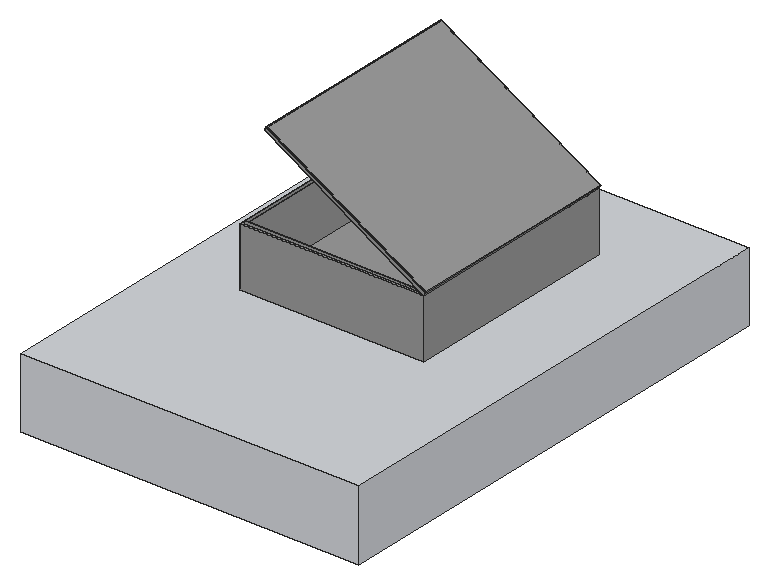
Revit family "Hager-Univers-IP55-D275-H950-Cl.II-Steel_encl-BE-en", category Equipement électrique, Revit 2020
Family settings
  Hôte = Face
  Configuration du panneau = Deux colonnes, circuits au sein
  Cote de connecteur circulaire = Utiliser le diamètre
  Type d'élément = Tableau de raccordement
  Couper avec des vides une fois chargée = Non
  Partagée = Non
  Point de calcul de pièce = Non
Parameters (values of type "Surface mounted (plaster) IP55 W800 H950 D275  - FR63S")
  Width Control [instance] = if([EF000008 - Width] > Min Width, [EF000008 - Width], Min Width)  # 800 mm
  Commentaires du type = [HG000003 - Range]  # "Univers"
  Thickness Door [instance] = if([EF009171 - Material plate thickness door/cover] > 3 mm, 3 mm, [EF009171 - Material plate thickness door/cover])  # 1.5 mm
  Seal Frame Offset [instance] = 17 mm  # constant formula
  Plinth Visibility [instance] = [HG000027 - Plinth height] > 0 mm  # no
  Model = ""
  Min Width [instance] = 100 mm  # constant formula
  Min Height [instance] = 100 mm  # constant formula
  Min Depth [instance] = (2 * [EF009170 - Material plate thickness cabinet]) + 1 mm  # 4 mm
  Internal Frame Depth [instance] = (Door System Depth * 0.5)  # 9 mm
  Height Control [instance] = if([EF000040 - Height] > Min Height, [EF000040 - Height], Min Height)  # 950 mm
  HG000027 - Plinth height = 0 mm
  HG000026 - Floor standing = no
  HG000024 - Bottom section height = 800 mm
  HG000023 - Double section enclosure = no
  HG000016 - Door 3d visibility [instance] = yes
  HG000015 - Clearance visibility [instance] = no
  HG000014 - Door on the right [instance] = yes
  HG000013 - Door on the left [instance] = not([HG000014 - Door on the right])  # no
  HG000012 - Door swing angle [instance] = 30.00°
  HG000010 - Asymmetric doors = no
  HG000009 - Double swing door = no
  HG000006 - Flush mounted = no
  HG000004 - Manufacturer reference = "FR63S"
  HG000003 - Range = "Univers"
  HG000002 - With door or cover = yes
  Frame Offset Bottom [instance] = 10 mm  # constant formula
  Frame Offset [instance] = 15 mm  # constant formula
  EF015940 - Cover with overpressure release = no
  EF011959 - Degree of protection (NEMA) = ""
  EF009554 - Number of openings for flange plates = 6
  EF009212 - Cover model = "EV000116 - Closed"
  EF009171 - Material plate thickness door/cover = 1.5 mm
  EF009170 - Material plate thickness cabinet = 1.5 mm
  Fabricant = "Hager"  # constant formula
  EF008873 - Nominal current (In) = 800 A
  EF007800 - Suitable for lightning protection = no
  EF006306 - With lock = no
  EF006244 - Transparent cover/door = no
  EF005474 - Degree of protection (IP) = "EV006420 - IP55"
  EF004464 - Type of door = "EV002646 - Single"
  EF004427 - Number of modules = 216
  EF004293 - Impact strength = "EV008784 - IK10"
  EF003532 - Suitable for outdoor use = no
  EF002950 - Width in number of modular spacings = 24
  EF001613 - Circuit integrity = "EV000494 - None"
  EF001596 - Material housing = "EV000179 - Steel"
  EF001131 - Internal depth = 275 mm
  EF001088 - Extension possible = yes
  EF000437 - Number of conduit inlets = 6
  EF000339 - Type of cover = "EV004216 - Door"
  EF000266 - Number of rows = 6
  EF000218 - Built-in depth = 0 mm
  EF000118 - With mounting plate = no
  EF000116 - RAL-number = "7035"
  EF000049 - Depth = 275 mm
  EF000040 - Height = 950 mm
  EF000008 - Width = 800 mm
  EF000007 - Colour = "EV000270 - Grey"
  EF000003 - Mounting method = "EV000384 - Surface mounted (plaster)"
  Door System Leaf Tolerance [instance] = 1.5 mm  # constant formula
  Door System Depth [instance] = 18 mm  # constant formula
  Door Height [instance] = Height Control - [HG000027 - Plinth height]  # 950 mm
  Depth Control [instance] = if([EF000049 - Depth] > Min Depth, [EF000049 - Depth], Min Depth)  # 275 mm
  Default Elevation = 0 mm
  Connector Offset [instance] = Height Control / 2  # 475 mm
  Bottom Top Plate Trim [instance] = 1.5 mm  # constant formula
  Plinth height Ctrl [instance] = if([HG000027 - Plinth height] > 0 mm, [HG000027 - Plinth height], 12 mm)  # 12 mm
Types (5, lengths in mm): name | Width Control | HG000010 - Asymmetric doors | HG000009 - Double swing door | HG000004 - Manufacturer reference | EF009554 - Number of openings for flange plates | EF004464 - Type of door | EF004427 - Number of modules | EF000437 - Number of conduit inlets | EF000008 - Width
  Surface mounted (plaster) IP55 W1050 H950 D275  - FR64S | 1050 | no | yes | "FR64S" | 8 | "EV003602 - Double" | 288 | 8 | 1050
  Surface mounted (plaster) IP55 W1300 H950 D275  - FR65S | 1300 | yes | yes | "FR65S" | 10 | "EV003602 - Double" | 360 | 10 | 1300
  Surface mounted (plaster) IP55 W300 H950 D275  - FR61S | 300 | no | no | "FR61S" | 2 | "EV002646 - Single" | 72 | 2 | 300
  Surface mounted (plaster) IP55 W550 H950 D275  - FR62S | 550 | no | no | "FR62S" | 4 | "EV002646 - Single" | 144 | 4 | 550
  Surface mounted (plaster) IP55 W800 H950 D275  - FR63S | 800 | no | no | "FR63S" | 6 | "EV002646 - Single" | 216 | 6 | 800
Reference planes
  plane 1 "Center (Front/Back)": y = 0
  plane 2: z = 0
  plane 3 "Center (Left/Right)": x = 0
  plane 4: z = 275
  plane 5: y = 1.5
  plane 6: y = 475
  plane 7: y = 0
  plane 8: y = 950
  plane 9: z = 0
  plane 10: x = -385
  plane 11: x = 385
  plane 12: x = 383.5
  plane 13: x = -383.5
  plane 14: y = 948.5
  plane 15: x = -383
  plane 16: x = -400
  plane 17: x = 383
  plane 18: x = 400
  plane 19: x = 398.5
  plane 20: x = -398.5
  plane 21: y = 11.5
  plane 22: y = 950
  plane 23: y = 933.5
  plane 24: z = 257
  plane 25: z = 1.5
  plane 26: z = 255.5
  plane 27: z = 273.5
Forms (mm)
  Extrusion 1, solid
    sketch origin (0, 0, 0) x (1, 0, 0) y (0, 1, 0)
      loop
        line (-702.964, 1305) -> (-702.964, -811.445) -> (766.763, -811.445) -> (766.763, 1305) -> (-702.964, 1305)
    from 0 to -304.8
  Extrusion 2, solid, material "Hager_Steel_RAL7035_Light_Grey", visible <- "Plinth Visibility", detail levels medium+fine
    sketch origin (0, 0, 0) x (1, 0, 0) y (0, 1, 0)
      loop
        line (-400, 0) -> (400, 0) -> (400, 12) -> (-400, 12) -> (-400, 0)
    from 0 to 257
  Extrusion 3, solid, material "Hager_Steel_RAL7035_Light_Grey", detail levels medium+fine
    sketch origin (0, 0, 0) x (1, 0, 0) y (0, 1, 0)
      loop
        line (-400, 0) -> (400, 0) -> (400, 950) -> (-400, 950) -> (-400, 0)
    from 0 to 257
  Extrusion 4, void
    sketch origin (0, 0, 0) x (1, 0, 0) y (0, 1, 0)
      loop
        line (-398.5, 1.5) -> (398.5, 1.5) -> (398.5, 948.5) -> (-398.5, 948.5) -> (-398.5, 1.5)
    from 1.5 to 255.5
  Extrusion 5, void
    sketch origin (-381.607, -4572, 257) x (0, -1, 0) y (-1, 0, 0)
      loop
        line (-4583.5, 1.893) -> (-5505.5, 1.893) -> (-5505.5, -765.107) -> (-4583.5, -765.107) -> (-4583.5, 1.893)
    from 0 to 1.5 <- "EF009170 - Material plate thickness cabinet"
  Extrusion 6, solid, material "Hager_Steel_RAL7035_Light_Grey", detail levels fine
    sketch origin (0, 0, 257) x (1, 0, 0) y (0, 1, 0)
      loop
        line (-383.5, 933.5) -> (-383.5, 11.5) -> (383.5, 11.5) -> (383.5, 933.5) -> (-383.5, 933.5)
      loop
        line (-385, 10) -> (385, 10) -> (385, 935) -> (-385, 935) -> (-385, 10)
    from 0 to 9 <- "Internal Frame Depth"
  Extrusion 7, solid, material "Hager_Steel_RAL7035_Light_Grey", detail levels coarse
    sketch origin (0, 0, 0) x (1, 0, 0) y (0, 1, 0)
      loop
        line (-400, 0) -> (400, 0) -> (400, 950) -> (-400, 950) -> (-400, 0)
    from 0 to 275
  Sweep 8, void
    path in 3D
      loop
        line (-400, 12, 0) -> (400, 12, 0) -> (400, 12, 257) -> (-400, 12, 257) -> (-400, 12, 0)
    profile origin (-400, 12, 128.5) x (-1, 0, 0) y (0, -1, 0)
      loop
        line (0, 0) -> (0, 1.5) -> (-1.5, 1.5)
        arc (-1.5, 1.5) -> (-1.061, 0.439) -> (0, 0) r 1.5
Cuts and joins
  Extrusion 4, Extrusion 5 cuts Extrusion 3
  Sweep 8 cuts Extrusion 2
Lines and regions (mm)
  Masking region 1
    outline origin (0, 0, 0) x (1, 0, 0) y (0, 0, 1)
      loop
        line (-400, 275) -> (-400, 0) -> (400, 0) -> (400, 275) -> (-400, 275)
  Masking region 2, detail levels medium+fine
    outline origin (0, 140, 0) x (0, 1, 0) y (0, 0, 1)
      loop
        line (-140, 0) -> (810, 0) -> (810, 257) -> (-140, 257) -> (-140, 0)
  Masking region 3, not visible, detail levels medium+fine
    outline origin (0, 297.922, 0) x (0, 1, 0) y (0, 0, 1)
      loop
        line (188.578, 0) -> (228.578, 0) -> (228.578, 263.5)
        arc (228.578, 263.5) -> (225.649, 270.571) -> (218.578, 273.5) r 10
        line (218.578, 273.5) -> (188.578, 273.5) -> (188.578, 0)
  Masking region 4, detail levels coarse
    outline origin (0, 0, 180) x (0, 1, 0) y (0, 0, 1)
      loop
        line (0, -180) -> (950, -180) -> (950, 95) -> (0, 95) -> (0, -180)
  Masking region 5, visible <- "Plinth Visibility", detail levels medium+fine
    outline origin (0, 52.24, 12.345) x (0, 0, -1) y (0, 1, 0)
      loop
        line (10.845, -40.24) -> (-243.155, -40.24)
        arc (-243.155, -40.24) -> (-243.594, -41.301) -> (-244.655, -41.74) r 1.5
        line (-244.655, -41.74) -> (-244.655, -52.24) -> (12.345, -52.24) -> (12.345, -41.74)
        arc (12.345, -41.74) -> (11.285, -41.301) -> (10.845, -40.24) r 1.5
  Masking region 6, detail levels medium+fine
    outline origin (-381.607, -4572, 257) x (-1, 0, 0) y (0, -1, 0)
      loop
        line (18.393, -5522) -> (18.393, -4572) -> (-781.607, -4572) -> (-781.607, -5522) -> (18.393, -5522)
  Masking region 7, visible <- "Plinth Visibility", detail levels medium+fine
    outline origin (-381.607, -4727, 257) x (-1, 0, 0) y (0, -1, 0)
      loop
        arc (16.893, -4739) -> (17.332, -4737.939) -> (18.393, -4737.5) r 1.5
        line (18.393, -4737.5) -> (18.393, -4727) -> (-781.607, -4727) -> (-781.607, -4737.5)
        arc (-781.607, -4737.5) -> (-780.546, -4737.939) -> (-780.107, -4739) r 1.5
        line (-780.107, -4739) -> (16.893, -4739)
  Masking region 8, detail levels coarse
    outline origin (-442.548, -4669.526, 257) x (-1, 0, 0) y (0, -1, 0)
      loop
        line (-42.548, -5619.526) -> (-42.548, -4669.526) -> (-842.548, -4669.526) -> (-842.548, -5619.526) -> (-42.548, -5619.526)
  sketch lines
    curve 1: line (-400, 12, 257) -> (-400, 12, 0)
    curve 2: line (400, 12, 257) -> (-400, 12, 257)
    curve 3: line (400, 12, 257) -> (400, 12, 0)
    curve 4: line (-400, 12, 0) -> (400, 12, 0)
Dimensions and locks
  "Depth Control": plane 4 to Extrusion 1
  "HG000027 - Plinth height": plane 1 "Center (Front/Back)" to plane 7
  "EF009170 - Material plate thickness cabinet": plane 5 to plane 7
  locked: connector elem to plane 3 "Center (Left/Right)"
  equal spacing: plane 8, plane 6, plane 7
  locked: connector elem to plane 6
  "EF009170 - Material plate thickness cabinet": plane 8 to plane 14
  "EF009170 - Material plate thickness cabinet": plane 10 to plane 13
  "EF009170 - Material plate thickness cabinet": plane 12 to plane 11
  "Frame Offset": plane 20 to plane 13
  "Frame Offset": plane 12 to plane 19
  "EF009170 - Material plate thickness cabinet": plane 16 to plane 20
  "EF009170 - Material plate thickness cabinet": plane 19 to plane 18
  "Seal Frame Offset": plane 16 to plane 15
  "Seal Frame Offset": plane 17 to plane 18
  "Frame Offset Bottom": plane 21 to plane 5
  "Frame Offset": plane 14 to plane 23
  equal spacing: plane 16, plane 3 "Center (Left/Right)", plane 18
  "Width Control": plane 16 to plane 18
  "EF009170 - Material plate thickness cabinet": plane 4 to plane 27
  "EF009170 - Material plate thickness cabinet": plane 24 to plane 26
  "EF009170 - Material plate thickness cabinet": plane 25 to level
  "Door System Depth": plane 4 to plane 24
  "Height Control": plane 1 "Center (Front/Back)" to Extrusion 7 sketch curve
  "Height Control": Masking region 4 sketch curve to plane 1 "Center (Front/Back)"
  "Height Control": plane 1 "Center (Front/Back)" to plane 22
  "Bottom Top Plate Trim": profile plane to Sweep 8 sketch curve
  "Bottom Top Plate Trim": Sweep 8 sketch curve to profile plane
  "Plinth height Ctrl": plane 1 "Center (Front/Back)" to Extrusion 2 sketch curve
  "Plinth height Ctrl": Masking region 5 sketch curve to plane 1 "Center (Front/Back)"
  "Plinth height Ctrl": plane 1 "Center (Front/Back)" to Masking region 7 sketch curve
  "Thickness Door": Extrusion 6 sketch curve to Extrusion 6 sketch curve  (x3)
  "Thickness Door": cut or joined group of Extrusion 3, Extrusion 4, Extrusion 5 to Extrusion 6 sketch curve
  radius of Masking region 3 sketch curve = 10 mm
  "Bottom Top Plate Trim": radius of Masking region 5 sketch curve  (x2)
  "Bottom Top Plate Trim": radius of Sweep 8 sketch curve
  "Bottom Top Plate Trim": radius of Masking region 7 sketch curve  (x2)
  aligned and locked: plane 2 to Extrusion 1
  aligned and locked: level to Extrusion 1
  aligned and locked: level to Masking region 1 sketch curve
  aligned and locked: Masking region 1 sketch curve to plane 18
  aligned and locked: Masking region 1 sketch curve to plane 16
  aligned and locked: plane 7 to Masking region 2 sketch curve
  aligned and locked: level to Masking region 3 sketch curve
  aligned and locked: Masking region 3 sketch curve to plane 27
  aligned and locked: level to Masking region 2 sketch curve
  aligned and locked: plane 1 "Center (Front/Back)" to Extrusion 2 sketch curve
  aligned and locked: Extrusion 3 sketch curve to plane 7
  aligned and locked: plane 16 to Extrusion 3 sketch curve
  aligned and locked: plane 18 to Extrusion 3 sketch curve
  aligned and locked: plane 20 to Extrusion 4 sketch curve
  aligned and locked: plane 19 to Extrusion 4 sketch curve
  aligned and locked: Extrusion 4 sketch curve to plane 5
  aligned and locked: Extrusion 4 to plane 25
  aligned and locked: plane 26 to Extrusion 4
  aligned and locked: plane 24 to Extrusion 3
  aligned and locked: Extrusion 5 sketch curve to plane 21
  aligned and locked: Extrusion 5 sketch curve to plane 13
  aligned and locked: Extrusion 5 sketch curve to plane 12
  aligned and locked: plane 18 to Extrusion 7 sketch curve
  aligned and locked: plane 1 "Center (Front/Back)" to Extrusion 7 sketch curve
  aligned and locked: plane 16 to Extrusion 7 sketch curve
  aligned and locked: plane 4 to Extrusion 7
  aligned and locked: Extrusion 7 to level
  aligned and locked: level to Masking region 4 sketch curve
  aligned and locked: Masking region 4 sketch curve to plane 1 "Center (Front/Back)"
  aligned and locked: Masking region 4 sketch curve to plane 4
  aligned and locked: nested 1 to level
  aligned and locked: nested 1 to plane 16
  aligned and locked: plane 8 to Extrusion 3 sketch curve
  aligned and locked: plane 23 to Extrusion 5 sketch curve
  aligned and locked: plane 14 to Extrusion 4 sketch curve
  aligned and locked: Masking region 2 sketch curve to plane 8
  aligned and locked: level to Masking region 5 sketch curve
  aligned and locked: plane 16 to Extrusion 2 sketch curve
  aligned and locked: plane 18 to Extrusion 2 sketch curve
  aligned and locked: Masking region 5 sketch curve to plane 24
  aligned and locked: Masking region 2 sketch curve to plane 24
  aligned and locked: plane 24 to Extrusion 2
  aligned and locked: profile plane to Sweep 8 sketch curve  (x2)
  aligned and locked: Masking region 6 sketch curve to plane 18
  aligned and locked: Masking region 6 sketch curve to plane 22
  aligned and locked: Masking region 6 sketch curve to plane 16
  aligned and locked: plane 8 to plane 22
  aligned and locked: Masking region 6 sketch curve to plane 7
  aligned and locked: Masking region 7 sketch curve to plane 16
  aligned and locked: Masking region 7 sketch curve to plane 1 "Center (Front/Back)"
  aligned and locked: Masking region 7 sketch curve to plane 18
  aligned and locked: Masking region 8 sketch curve to plane 1 "Center (Front/Back)"
  aligned and locked: Masking region 8 sketch curve to plane 18
  aligned and locked: Masking region 8 sketch curve to plane 22
  aligned and locked: Masking region 8 sketch curve to plane 16
  aligned and locked: nested 2 to plane 7
  aligned and locked: plane 3 "Center (Left/Right)" to nested 2
  aligned and locked: nested 2 to plane 24
  aligned and locked: Extrusion 6 sketch curve to cut or joined group of Extrusion 3, Extrusion 4, Extrusion 5  (x4)
Automatic sketch dimensions
  Extrusion 1 sketch curve to Extrusion 1 sketch curve = 1469.727 mm
  Extrusion 1 sketch curve to Extrusion 1 sketch curve = 2116.445 mm
  Masking region 1 sketch curve to plane 4 = 0 mm
  plane 6 to Masking region 3 sketch curve = 11.5 mm
  Masking region 3 sketch curve to Masking region 3 sketch curve = 30 mm
  Masking region 5 sketch curve to plane 1 "Center (Front/Back)" = 0 mm
Nested families
  nested 1: "Hager_Enclosure_Symbol" at (-400, 0, 0) x (1, 0, 0) z (0, -1, 0), Height <- "Depth Control", Width <- "Width Control", type "Hager_Enclosure_Symbol"
    with Width_Ctrl 800 mm, Width 800 mm, Height_Ctrl 275 mm, Height 275 mm, A_Width_Int 18.047 mm, A_Width 216.562 mm, A_Height_Ctrl 240.625 mm, A_Height 240.625 mm
  nested 2: "EC000058_Univers_Door" at (0, 0, 257) x (1, 0, 0) z (0, 1, 0), Leaf_Tolerance <- "Door System Leaf Tolerance", Angle <- "HG000012 - Door swing angle", Door_Depth <- "Door System Depth", Door_Left <- "HG000013 - Door on the left", Transparent <- "EF006244 - Transparent cover/door", Assymetrical <- "HG000010 - Asymmetric doors", Width <- "Width Control", Clearance <- "HG000015 - Clearance visibility", Double <- "HG000009 - Double swing door", 3d_Door <- "HG000016 - Door 3d visibility", Lock_Visibility <- "EF006306 - With lock", Width_Ctrl <- "Width Control", Door_Right <- "HG000014 - Door on the right", Door <- "HG000002 - With door or cover", Height <- "Door Height", Thickness <- "Thickness Door", type "EC000058_Univers_Door", detail levels medium+fine
    with min_wh 4 mm, Width_Ctrl 800 mm, Width 800 mm, Transparent no, Thickness 1.5 mm, Seal_Material Hager_Rubber, Lock_Visibility no, Lock_Material Hager_Plastic_RAL9005_Jet_Black, Leaf_Width 800 mm, Leaf_Tolerance_External_Sides 0 mm, Leaf_Tolerance 1.5 mm, Leaf_Offset 0 mm, Leaf_Height 947 mm, Leaf_2_Width 800 mm, Leaf_2_Offset 400 mm, Leaf_1_Width 800 mm, Leaf_1_Offset 400 mm, Height_Ctrl 950 mm, Height 950 mm, Glass_Material Hager_Glass, Double_Clearance_Ctrl no, Double no, Door_Right_Ctrl yes, Door_Right yes, Door_Material Hager_Steel_RAL7035_Light_Grey, Door_Left_Ctrl no, Door_Left no, Door_Depth 18 mm, Door yes, Clearance_Material Hager_Clearance, Clearance_Depth 800 mm, Clearance_Ctrl no, Clearance no, Assymetrical no, Angle 30.00°, 3d_Door yes
Connectors
  electrical at (0, 475, 0)
    settings: on plane 9, index 1, voltage 0 V, apparent load 0 VA, apparent load phase1 0 VA, apparent load phase2 0 VA, apparent load phase3 0 VA, power factor 1, load classification "Other", number of poles 1, system type 30, power factor state 1, is connector primary yes, connector utility no, sub classification motor no, connector description ""
Definition of nested family "EC000058_Univers_Door"
  Parameters (values of type "EC000058_Univers_Door")
    min_wh [instance] = (2 * Thickness) + 1 mm  # 11 mm
    Width_Ctrl [instance] = 400 mm
    Width [instance] = 500 mm
    Transparent [instance] = yes
    Thickness [instance] = 5 mm
    Seal_Material [instance] = none
    Lock_Visibility [instance] = yes
    Lock_Material [instance] = none
    Leaf_Width [instance] = if((Width_Ctrl - 2 * Leaf_Tolerance_External_Sides) > 0 mm, (Width_Ctrl - 2 * Leaf_Tolerance_External_Sides), min_wh)  # 400 mm
    Leaf_Tolerance_External_Sides [instance] = 0 mm  # constant formula
    Leaf_Tolerance [instance] = 1.5 mm
    Leaf_Offset [instance] = 0 mm  # constant formula
    Leaf_Height [instance] = if((Height_Ctrl - 2 * Leaf_Tolerance) > 0 mm, (Height_Ctrl - 2 * Leaf_Tolerance), min_wh)  # 497 mm
    Leaf_2_Width [instance] = if(and(and(Double, Assymetrical), Door_Left), (Leaf_Width / 3) - (Leaf_Tolerance / 2), if(and(and(Double, Assymetrical), Door_Right), (Leaf_Width / 3) * 2 - (Leaf_Tolerance / 2), if(and(Double, not(Assymetrical)), (Leaf_Width / 2) - Leaf_Tolerance, Leaf_Width)))  # 400 mm
    Leaf_2_Offset [instance] = if(and(Double, Assymetrical), Leaf_2_Width / 2, if(and(Double, not(Assymetrical)), Leaf_Width / 4, Leaf_Width / 2))  # 200 mm
    Leaf_1_Width [instance] = if(and(and(Double, Assymetrical), Door_Right), (Leaf_Width / 3) - (Leaf_Tolerance / 2), if(and(and(Double, Assymetrical), Door_Left), (Width / 3) * 2 - (Leaf_Tolerance / 2), if(and(Double, not(Assymetrical)), (Leaf_Width / 2) - Leaf_Tolerance, Leaf_Width)))  # 400 mm
    Leaf_1_Offset [instance] = if(and(Double, Assymetrical), Leaf_1_Width / 2, if(and(Double, not(Assymetrical)), Leaf_Width / 4, Leaf_Width / 2))  # 200 mm
    Height_Ctrl [instance] = if(Height > min_wh, Height, min_wh)  # 500 mm
    Height [instance] = 500 mm
    Glass_Material [instance] = none
    Double_Clearance_Ctrl [instance] = and(Double, Clearance)  # no
    Double [instance] = no
    Door_Right_Ctrl [instance] = and(or(Door_Right, Double), Door)  # yes
    Door_Right [instance] = yes
    Door_Material [instance] = none
    Door_Left_Ctrl [instance] = and(or(Door_Left, Double), Door)  # no
    Door_Left [instance] = no
    Door_Depth [instance] = 30 mm
    Door [instance] = yes
    Default Elevation = 1219.2 mm
    Clearance_Material [instance] = none
    Clearance_Depth [instance] = if(Leaf_1_Width > Leaf_2_Width, Leaf_1_Width, Leaf_2_Width)  # 400 mm
    Clearance_Ctrl [instance] = and(not(Double), Clearance)  # yes
    Clearance [instance] = yes
    Assymetrical [instance] = yes
    Angle [instance] = 30.00°
    3d_Door [instance] = yes
  Reference planes
    plane 1 "Center (Front/Back)": y = 0
    plane 2 "Bottom": z = 0
    plane 3 "Center (Left/Right)": x = 0
    plane 4: z = 500
    plane 5: x = -200
    plane 6: x = 200
    plane 7: z = 500
    plane 8: x = -200
    plane 9: z = 0
    plane 10: x = 200
    plane 11: y = 0
    plane 12: z = 1.5
    plane 13: x = -600
    plane 14: y = -400
    plane 15: x = 600
    plane 16: x = 0
    plane 17: x = 0
    plane 18: x = -200
    plane 19: x = 200
    plane 20: z = 498.5
  Forms (mm)
    Extrusion 1, solid, material <- "Clearance_Material", visible <- "Double_Clearance_Ctrl"
      sketch origin (1200, 0, 0) x (1, 0, 0) y (0, 0, -1)
        loop
          line (-1800, -498.5) -> (-600, -498.5) -> (-600, 0) -> (-1800, 0) -> (-1800, -498.5)
      from 0 to -400
  Dimensions and locks
    equal spacing: plane 5, plane 3 "Center (Left/Right)", plane 6
    "Width_Ctrl": plane 5 to plane 6
    "Leaf_Offset": plane 5 to plane 8
    "Leaf_Offset": plane 6 to plane 10
    "Leaf_Offset": plane 9 to level
    "Leaf_Offset": plane 4 to plane 7
    "Height_Ctrl": plane 4 to level
    "Leaf_Tolerance": plane 12 to plane 9
    locked: plane 11 to plane 1 "Center (Front/Back)"
    "Leaf_1_Offset": plane 18 to plane 16
    "Leaf_2_Offset": plane 17 to plane 19
    "Leaf_1_Width": plane 13 to plane 8
    "Leaf_2_Width": plane 10 to plane 15
    "Clearance_Depth": plane 14 to plane 1 "Center (Front/Back)"
    "Leaf_Tolerance_External_Sides": plane 8 to plane 18
    "Leaf_Tolerance_External_Sides": plane 19 to plane 10
    "Leaf_Tolerance": plane 7 to plane 20
    aligned and locked: level to plane 2 "Bottom"
    aligned and locked: nested 1 to plane 16
    aligned and locked: nested 2 to plane 17
    aligned and locked: Extrusion 1 to plane 13
    aligned and locked: plane 15 to Extrusion 1
    aligned and locked: Extrusion 1 to plane 14
    aligned and locked: plane 12 to nested 1
    aligned and locked: nested 2 to plane 12
    aligned and locked: Extrusion 1 to plane 11
    aligned and locked: plane 20 to Extrusion 1
    aligned and locked: nested 2 to plane 11
    aligned and locked: nested 1 to plane 11
  Automatic sketch dimensions
    Extrusion 1 sketch curve to level = 0 mm
    plane 5 to Extrusion 1 sketch curve = 400 mm
    plane 6 to Extrusion 1 sketch curve = 400 mm
    Extrusion 1 sketch curve to plane 4 = 1.5 mm
  Nested families
    nested 1: "EC000058_Univers_Door_Leaf" at (0, 0, 1.5), Width <- "Leaf_1_Width", visible <- "Door_Left_Ctrl", Leaf_Height <- "Leaf_Height", Angle <- "Angle", 3d_Door <- "3d_Door", Transparent <- "Transparent", Clearance Material <- "Clearance_Material", Clearance <- "Clearance_Ctrl", Door_Material <- "Door_Material", Glass_Material <- "Glass_Material", Door_Depth <- "Door_Depth", Lock_Material <- "Lock_Material", Seal_Material <- "Seal_Material", Lock_Visibility <- "Lock_Visibility", Thickness <- "Thickness", type "EC000058_Univers_Door_Leaf"
      with Width 400 mm, Transparent_Glass_Offset 30 mm, Transparent_Ctrl yes, Transparent yes, Thickness 5 mm, Standard no, Seal_Material none, Seal_D2 8 mm, Seal_D1 1 mm, Offset_Internal_Frame 10 mm, Lock_Width 20 mm, Lock_Visibility_3d yes, Lock_Visibility yes, Lock_Thickness_3 3 mm, Lock_Thickness_2 1 mm, Lock_Thickness_1 3 mm, Lock_Radius_Offset_2 16 mm, Lock_Radius_Offset_1 15 mm, Lock_Radius_2 5 mm, Lock_Radius 6 mm, Lock_Offset 5 mm, Lock_Material none, Lock_Height 80 mm, Lock_Cover_Top_Offset_2d 17 mm, Lock_Cover_Height -65 mm, Leaf_Height 497 mm, Internal_Seal_Thickness 8 mm, Internal_Seal_Depth_2 4.5 mm, Internal_Frame_Depth 25 mm, Glass_Thickness -1 mm, Glass_Offset -2 mm, Glass_Material none, Door_Material none, Door_Depth 30 mm, Clearance Material none, Clearance yes, Angle_Ctrl 30.00°, Angle 30.00°, 3d_Door yes
    nested 2: "EC000058_Univers_Door_Leaf" at (0, 0, 1.5) x (-1, 0, 0) z (0, 0, 1), Width <- "Leaf_2_Width", visible <- "Door_Right_Ctrl", Leaf_Height <- "Leaf_Height", Angle <- "Angle", 3d_Door <- "3d_Door", Transparent <- "Transparent", Clearance Material <- "Clearance_Material", Clearance <- "Clearance_Ctrl", Door_Material <- "Door_Material", Glass_Material <- "Glass_Material", Door_Depth <- "Door_Depth", Lock_Material <- "Lock_Material", Seal_Material <- "Seal_Material", Lock_Visibility <- "Lock_Visibility", Thickness <- "Thickness", type "EC000058_Univers_Door_Leaf"
      with Width 400 mm, Transparent_Glass_Offset 30 mm, Transparent_Ctrl yes, Transparent yes, Thickness 5 mm, Standard no, Seal_Material none, Seal_D2 8 mm, Seal_D1 1 mm, Offset_Internal_Frame 10 mm, Lock_Width 20 mm, Lock_Visibility_3d yes, Lock_Visibility yes, Lock_Thickness_3 3 mm, Lock_Thickness_2 1 mm, Lock_Thickness_1 3 mm, Lock_Radius_Offset_2 16 mm, Lock_Radius_Offset_1 15 mm, Lock_Radius_2 5 mm, Lock_Radius 6 mm, Lock_Offset 5 mm, Lock_Material none, Lock_Height 80 mm, Lock_Cover_Top_Offset_2d 17 mm, Lock_Cover_Height -65 mm, Leaf_Height 497 mm, Internal_Seal_Thickness 8 mm, Internal_Seal_Depth_2 4.5 mm, Internal_Frame_Depth 25 mm, Glass_Thickness -1 mm, Glass_Offset -2 mm, Glass_Material none, Door_Material none, Door_Depth 30 mm, Clearance Material none, Clearance yes, Angle_Ctrl 30.00°, Angle 30.00°, 3d_Door yes
  Definition of nested family "EC000058_Univers_Door_Leaf"
    Parameters (values of type "EC000058_Univers_Door_Leaf")
      Width [instance] = 2000 mm
      Transparent_Glass_Offset [instance] = 30 mm
      Transparent_Ctrl [instance] = and(Transparent, [3d_Door])  # yes
      Transparent [instance] = yes
      Thickness [instance] = 5 mm
      Standard [instance] = and(not(Transparent), [3d_Door])  # no
      Seal_Material [instance] = none
      Seal_D2 [instance] = 8 mm  # constant formula
      Seal_D1 [instance] = 1 mm  # constant formula
      Offset_Internal_Frame [instance] = 10 mm  # constant formula
      Lock_Width [instance] = 20 mm  # constant formula
      Lock_Visibility_3d [instance] = and(Lock_Visibility, [3d_Door])  # yes
      Lock_Visibility [instance] = yes
      Lock_Thickness_3 [instance] = 3 mm  # constant formula
      Lock_Thickness_2 [instance] = 1 mm  # constant formula
      Lock_Thickness_1 [instance] = 3 mm  # constant formula
      Lock_Radius_Offset_2 [instance] = Lock_Radius_Offset_1 + 1 mm  # 16 mm
      Lock_Radius_Offset_1 [instance] = 15 mm  # constant formula
      Lock_Radius_2 [instance] = Lock_Radius - 1 mm  # 5 mm
      Lock_Radius [instance] = 6 mm  # constant formula
      Lock_Offset [instance] = 5 mm  # constant formula
      Lock_Material [instance] = none
      Lock_Height [instance] = 80 mm  # constant formula
      Lock_Cover_Top_Offset_2d [instance] = Lock_Radius_Offset_2 + 1 mm  # 17 mm
      Lock_Cover_Height [instance] = -(Lock_Height - Lock_Radius_Offset_1)  # -65 mm
      Leaf_Height [instance] = 2720.336 mm
      Internal_Seal_Thickness [instance] = 8 mm  # constant formula
      Internal_Seal_Depth_2 [instance] = 4.5 mm  # constant formula
      Internal_Frame_Depth [instance] = if(Door_Depth - Thickness > 5 mm, Door_Depth - Thickness, 5 mm)  # 25 mm
      Glass_Thickness [instance] = if(Thickness > 15 mm, Glass_Offset + 10 mm, -1 mm)  # -1 mm
      Glass_Offset [instance] = if(Thickness > 15 mm, -(Thickness + 10 mm) / 2, -2 mm)  # -2 mm
      Glass_Material [instance] = none
      Door_Material [instance] = none
      Door_Depth [instance] = 30 mm
      Default Elevation = 0 mm
      Clearance Material [instance] = none
      Clearance [instance] = yes
      Angle_Ctrl [instance] = if(Angle > 180.00°, 180.00°, Angle)  # 90.00°
      Angle [instance] = 90.00°
      3d_Door [instance] = yes
    Reference planes
      plane 1 "Center (Front/Back)": y = 0
      plane 2: z = 0
      plane 3 "Center (Left/Right)": x = 0
      plane 4: y = 2000
      plane 5: x = -1000
      plane 6: x = 1000
      plane 7: x = -3000
      plane 8: z = 2720.336
      plane 9: z = 30
      plane 10: z = 2690.336
      plane 11: x = 970
      plane 12: x = -970
      plane 13: y = -3
      plane 14: z = 107.833
      plane 15: y = -5
      plane 16: y = -223.314
      plane 17: x = -1000
      plane 18: z = 1360.168
      plane 19: y = 30
    Forms (mm)
      Extrusion 1, solid, material <- "Clearance Material", visible <- "Clearance"
        sketch origin (0, 0, 0) x (1, 0, 0) y (0, 0, 1)
          loop
            line (-3000, 2720.336) -> (-3000, 0) -> (1000, 0) -> (1000, 2720.336) -> (-3000, 2720.336)
        from 0 to -2000
      Extrusion 2, solid, material <- "Door_Material", visible <- "Standard", detail levels medium+fine
        sketch origin (-1000, 0, 0) x (0, 1, 0) y (-1, 0, 0)
          loop
            line (0, 30) -> (0, 25) -> (2000, 25) -> (2000, 30) -> (0, 30)
        from 0 to 2720.336 <- "Leaf_Height"
      Extrusion 3, solid, material <- "Door_Material", visible <- "Transparent_Ctrl", detail levels medium+fine
        sketch origin (-1000, 0, 0) x (0, 1, 0) y (-1, 0, 0)
          loop
            line (0, 25) -> (2000, 25) -> (2000, 30) -> (0, 30) -> (0, 25)
        from 0 to 2720.336 <- "Leaf_Height"
      Extrusion 4, void
        sketch origin (-1025, 2000, 0) x (0, 1, 0) y (0, 0, -1)
          loop
            line (-30, -2690.336) -> (-30, -30) -> (-1970, -30) -> (-1970, -2690.336) -> (-30, -2690.336)
        from 0 to 5 <- "Thickness"
      Sweep 5, solid, material <- "Seal_Material", visible <- "Transparent_Ctrl", detail levels fine
        path in 3D
          loop
            line (-1025, 30, 30) -> (-1025, 30, 2690.336) -> (-1025, 1970, 2690.336) -> (-1025, 1970, 30) -> (-1025, 30, 30)
        profile origin (-1025, 1000, 30) x (1, 0, 0) y (0, 0, 1)
          loop
            line (0, 0) -> (0, -8) -> (1, -8) -> (1, 0) -> (0, 0)
      Extrusion 6, solid, material <- "Glass_Material", visible <- "Transparent_Ctrl", detail levels medium+fine
        sketch origin (-1030, 0, 0) x (0, 1, 0) y (0, 0, -1)
          loop
            line (1970, -2690.336) -> (1970, -30) -> (30, -30) -> (30, -2690.336) -> (1970, -2690.336)
        from -2 <- "Glass_Offset" to -1 <- "Glass_Thickness"
      Extrusion 7, solid, material <- "Door_Material", visible <- "3d_Door", detail levels medium+fine
        sketch origin (-1025, 2000, 0) x (0, -1, 0) y (0, 0, -1)
          loop
            line (0, -2720.336) -> (2000, -2720.336) -> (2000, 0) -> (0, 0) -> (0, -2720.336)
          loop
            line (1995, -5) -> (5, -5) -> (5, -2715.336) -> (1995, -2715.336) -> (1995, -5)
        from 0 to 25 <- "Internal_Frame_Depth"
      Sweep 8, solid, material <- "Seal_Material", visible <- "Transparent_Ctrl", detail levels fine
        path in 3D
          loop
            line (-1025, 0, 0) -> (-1025, 2000, 0) -> (-1025, 2000, 2720.336) -> (-1025, 0, 2720.336) -> (-1025, 0, 0)
        profile origin (-1025, 0, 1360.168) x (1, 0, 0) y (0, 1, 0)
          loop
            line (0, 10) -> (2.975, 10)
            arc (2.975, 10) -> (4.053, 10.447) -> (4.5, 11.525) r 1.525
            line (4.5, 11.525) -> (4.5, 16.527)
            arc (4.5, 16.527) -> (4.069, 17.569) -> (3.027, 18) r 1.473
            line (3.027, 18) -> (0, 18) -> (0, 10)
      Extrusion 9, solid, material <- "Lock_Material", visible <- "Lock_Visibility_3d", detail levels fine
        sketch origin (-1030, 0, 0) x (0, 1, 0) y (0, 0, -1)
          loop
            arc (1993.5, -1400.168) -> (1994.561, -1399.729) -> (1995, -1398.668) r 1.5
            line (1995, -1398.668) -> (1995, -1320.168) -> (1975, -1320.168) -> (1975, -1398.668)
            arc (1975, -1398.668) -> (1975.439, -1399.729) -> (1976.5, -1400.168) r 1.5
            line (1976.5, -1400.168) -> (1993.5, -1400.168)
        from 3 <- "Lock_Thickness_1" to 0
      Blend 10, solid, material <- "Lock_Material", visible <- "Lock_Visibility_3d", detail levels fine
        base sketch origin (-1033, 0, 0) x (0, 1, 0) y (0, 0, -1)
          loop
            line (1975, -1320.168) -> (1975, -1398.668)
            arc (1975, -1398.668) -> (1975.439, -1399.729) -> (1976.5, -1400.168) r 1.5
            line (1976.5, -1400.168) -> (1993.5, -1400.168)
            arc (1993.5, -1400.168) -> (1994.561, -1399.729) -> (1995, -1398.668) r 1.5
            line (1995, -1398.668) -> (1995, -1320.168) -> (1975, -1320.168)
        top sketch origin (-1033, 0, 0) x (0, 1, 0) y (0, 0, -1)
          loop
            line (1976, -1320.168) -> (1976, -1398.668)
            arc (1976, -1398.668) -> (1976.146, -1399.022) -> (1976.5, -1399.168) r 0.5
            line (1976.5, -1399.168) -> (1993.5, -1399.168)
            arc (1993.5, -1399.168) -> (1993.854, -1399.022) -> (1994, -1398.668) r 0.5
            line (1994, -1398.668) -> (1994, -1320.168) -> (1976, -1320.168)
        from 0 to 1 <- "Lock_Thickness_2"
      Blend 11, solid, material <- "Lock_Material", visible <- "Lock_Visibility_3d", detail levels fine
        base sketch origin (-1034, 0, 0) x (0, 1, 0) y (0, 0, -1)
          loop
            line (1978, -1320.168) -> (1978, -1384.168)
            arc (1978, -1384.168) -> (1985, -1391.168) -> (1992, -1384.168) r 7
            line (1992, -1384.168) -> (1992, -1320.168) -> (1978, -1320.168)
        top sketch origin (-1034, 0, 0) x (0, 1, 0) y (0, 0, -1)
          loop
            line (1991, -1320.168) -> (1979, -1320.168) -> (1979, -1383.168)
            arc (1979, -1383.168) -> (1985, -1389.168) -> (1991, -1383.168) r 6
            line (1991, -1383.168) -> (1991, -1320.168)
        from 0 to 3 <- "Lock_Thickness_3"
      Extrusion 12, solid, material <- "Lock_Material", visible <- "Lock_Visibility_3d", detail levels fine
        sketch origin (-1030, 1975, 1320.168) x (1, 0, 0) y (0, -1, 0)
          loop
            line (-7, -19) -> (-7, -1) -> (0, -1) -> (0, 0) -> (-8, 0) -> (-8, -20) -> (0, -20) -> (0, -19) -> (-7, -19)
        from 0 to -65 <- "Lock_Cover_Height"
      Extrusion 13, void
        sketch origin (-1038, 1995, 1320.168) x (-1, 0, 0) y (0, 0, -1)
          loop
            line (-5, -65) -> (0, -65) -> (-5, -60) -> (-5, -65)
        from 0 to 20 <- "Lock_Width"
      Extrusion 14, void
        sketch origin (-1038, 1975, 1320.168) x (0, -1, 0) y (0, 0, -1)
          loop
            circle (-10, -15.995) r 6
          loop
            circle (-10, -15.995) r 5
        from 0 to 2
      Extrusion 15, solid, material <- "Lock_Material", visible <- "Lock_Visibility_3d", detail levels medium
        sketch origin (-1030, 0, 0) x (0, 1, 0) y (0, 0, -1)
          loop
            arc (1993.5, -1400.168) -> (1994.561, -1399.729) -> (1995, -1398.668) r 1.5
            line (1995, -1398.668) -> (1995, -1320.168) -> (1975, -1320.168) -> (1975, -1398.668)
            arc (1975, -1398.668) -> (1975.439, -1399.729) -> (1976.5, -1400.168) r 1.5
            line (1976.5, -1400.168) -> (1993.5, -1400.168)
        from 8 to 0
    Cuts and joins
      Extrusion 4 cuts Extrusion 3
      Extrusion 13, Extrusion 14 cuts Extrusion 9
      Extrusion 14 cuts Blend 11
      Extrusion 13, Extrusion 14 cuts Extrusion 12
      joined: Extrusion 9, Blend 10, Blend 11, Extrusion 12
      Extrusion 14 cuts Extrusion 15
    Lines and regions (mm)
      Masking region 1, visible <- "Lock_Visibility", detail levels fine
        outline origin (0, 0, 0) x (0, 1, 0) y (0, 0, 1)
          loop
            line (30, 1320.168) -> (33, 1320.168) -> (33, 1400.168) -> (30, 1400.168) -> (30, 1320.168)
      Masking region 2, visible <- "Lock_Visibility", detail levels fine
        outline origin (0, 3.143, 0) x (0, 1, 0) y (0, 0, 1)
          loop
            line (29.857, 1354.168) -> (30.857, 1354.168) -> (30.857, 1366.168) -> (29.857, 1366.168) -> (29.857, 1354.168)
      Masking region 3, detail levels medium+fine
        outline origin (0, 0, 0) x (0, 1, 0) y (0, 0, 1)
          loop
            line (0, 0) -> (30, 0) -> (30, 2720.336) -> (0, 2720.336) -> (0, 0)
      Masking region 4, detail levels medium+fine
        outline origin (0, 0, 0) x (1, 0, 0) y (0, 0, 1)
          loop
            line (-1000, 2720.336) -> (-1000, 0) -> (1000, 0) -> (1000, 2720.336) -> (-1000, 2720.336)
      Masking region 5, visible <- "Lock_Visibility", detail levels fine
        outline origin (-47.116, 0, 0) x (1, 0, 0) y (0, 0, 1)
          loop
            arc (1024.616, 1399.168) -> (1023.556, 1398.729) -> (1023.116, 1397.668) r 1.5
            line (1023.116, 1397.668) -> (1023.116, 1320.168) -> (1041.116, 1320.168) -> (1041.116, 1397.668)
            arc (1041.116, 1397.668) -> (1040.677, 1398.729) -> (1039.616, 1399.168) r 1.5
            line (1039.616, 1399.168) -> (1024.616, 1399.168)
      Masking region 6, visible <- "Lock_Visibility", detail levels medium+fine
        outline origin (-25, 0, 0) x (1, 0, 0) y (0, 0, 1)
          loop
            arc (1001.5, 1400.168) -> (1000.439, 1399.729) -> (1000, 1398.668) r 1.5
            line (1000, 1398.668) -> (1000, 1320.168) -> (1020, 1320.168) -> (1020, 1398.668)
            arc (1020, 1398.668) -> (1019.561, 1399.729) -> (1018.5, 1400.168) r 1.5
            line (1018.5, 1400.168) -> (1001.5, 1400.168)
      Masking region 7, visible <- "Lock_Visibility", detail levels fine
        outline origin (-73.735, 0, 0) x (1, 0, 0) y (0, 0, 1)
          loop
            line (1051.735, 1382.168) -> (1065.735, 1382.168) -> (1065.735, 1384.168)
            arc (1065.735, 1384.168) -> (1058.735, 1391.168) -> (1051.735, 1384.168) r 7
            line (1051.735, 1384.168) -> (1051.735, 1382.168)
      Masking region 8, visible <- "Lock_Visibility", detail levels fine
        outline origin (-73.735, 0, 0) x (1, 0, 0) y (0, 0, 1)
          loop
            line (1052.735, 1382.168) -> (1064.735, 1382.168) -> (1064.735, 1383.168)
            arc (1064.735, 1383.168) -> (1058.735, 1389.168) -> (1052.735, 1383.168) r 6
            line (1052.735, 1383.168) -> (1052.735, 1382.168)
      Masking region 9, visible <- "Lock_Visibility", detail levels fine
        outline origin (-25, 0, 0) x (1, 0, 0) y (0, 0, 1)
          loop
            line (1020, 1320.168) -> (1020, 1382.168) -> (1000, 1382.168) -> (1000, 1320.168) -> (1020, 1320.168)
      Masking region 10, detail levels medium+fine
        outline origin (0, 0, 0) x (1, 0, 0) y (0, 0, 1)
          loop
            circle (985, 1335.144) r 6
      Masking region 11, detail levels fine
        outline origin (0, 0, 0) x (1, 0, 0) y (0, 0, 1)
          loop
            circle (985, 1335.144) r 5
      Masking region 12, visible <- "Lock_Visibility", detail levels fine
        outline origin (0, 12.767, 0) x (0, 1, 0) y (0, 0, 1)
          loop
            line (20.233, 1320.168) -> (21.233, 1320.168) -> (21.233, 1399.168) -> (20.233, 1400.168) -> (20.233, 1320.168)
      Masking region 13, visible <- "Lock_Visibility", detail levels fine
        outline origin (0, 13.767, -10) x (0, 1, 0) y (0, 0, 1)
          loop
            line (20.233, 1330.168) -> (23.233, 1330.168) -> (23.233, 1399.168) -> (20.233, 1402.168) -> (20.233, 1330.168)
      Masking region 14, visible <- "Lock_Visibility", detail levels fine
        outline origin (0, 12.767, -10) x (0, 1, 0) y (0, 0, 1)
          loop
            line (20.233, 1330.168) -> (25.233, 1330.168) -> (25.233, 1399.305) -> (20.233, 1394.305) -> (20.233, 1330.168)
      Masking region 15, visible <- "Lock_Visibility", detail levels medium
        outline origin (0, 0, 0) x (0, 1, 0) y (0, 0, 1)
          loop
            line (30, 1320.168) -> (38, 1320.168) -> (38, 1400.168) -> (30, 1400.168) -> (30, 1320.168)
      Masking region 16, visible <- "Lock_Visibility", detail levels fine
        outline origin (-1000, 0, 0) x (0, 1, 0) y (-1, 0, 0)
          loop
            line (1975, 30) -> (1995, 30) -> (1995, 38) -> (1975, 38) -> (1975, 30)
          loop
            line (1979, 37) -> (1976, 37) -> (1976, 34) -> (1978, 34) -> (1979, 37)
          loop
            line (1994, 37) -> (1991, 37) -> (1992, 34) -> (1994, 34) -> (1994, 37)
      Masking region 17, visible <- "Lock_Visibility", detail levels medium
        outline origin (-1000, 0, 0) x (0, 1, 0) y (-1, 0, 0)
          loop
            line (1975, 30) -> (1995, 30) -> (1995, 38) -> (1975, 38) -> (1975, 30)
      symbolic lines
        curve 1: line (1000, 0, 0) -> (-3000, 0, 0)
        curve 2: arc (1000, 0, 0) -> (-1000, 2000, 0) -> (-3000, 0, 0) r 2000
        curve 4: line (-1030, 0, 0) -> (-1030, 2000, 0)
      reference lines
        curve 3: line (-1000, 0, 0) -> (-1000, 2000, 0)
      symbolic lines, detail levels medium+fine
        curve 5: line (-1030, 2000, 0) -> (-1025, 2000, 0)
        curve 7: line (-1025, 0, 0) -> (-1030, 0, 0)
        curve 8: line (-1025, 0, 0) -> (-1000, 0, 0)
        curve 9: line (-1000, 0, 0) -> (-1000, 2000, 0)
        curve 10: line (-1000, 2000, 0) -> (-1025, 2000, 0)
      symbolic lines, detail levels fine
        curve 6: line (-1025, 2000, 0) -> (-1025, 0, 0)
      sketch lines
        curve 11: line (-1025, 0, 2720.336) -> (-1025, 0, 0)
        curve 12: line (-1025, 2000, 0) -> (-1025, 0, 0)
        curve 13: line (-1025, 2000, 2720.336) -> (-1025, 2000, 0)
        curve 14: line (-1025, 0, 2720.336) -> (-1025, 2000, 2720.336)
        curve 15: line (-1025, 1970, 30) -> (-1025, 30, 30)
        curve 16: line (-1025, 30, 30) -> (-1025, 30, 2690.336)
        curve 17: line (-1025, 1970, 2690.336) -> (-1025, 1970, 30)
        curve 18: line (-1025, 30, 2690.336) -> (-1025, 1970, 2690.336)
      symbolic lines, visible <- "Transparent", detail levels medium+fine
        curve 19: line (-970, 0, 2690.336) -> (970, 0, 2690.336)
        curve 20: line (-970, 0, 30) -> (-970, 0, 2690.336)
        curve 21: line (970, 0, 30) -> (-970, 0, 30)
        curve 22: line (970, 0, 2690.336) -> (970, 0, 30)
    Dimensions and locks
      "Width": plane 1 "Center (Front/Back)" to plane 4
      equal spacing: plane 5, plane 3 "Center (Left/Right)", plane 6
      "Width": plane 5 to plane 6
      "Width": plane 7 to plane 5
      "Leaf_Height": plane 8 to level
      "Width": curve 5 to curve 3
      "Width": curve 3 to curve 3
      plane 8 to plane 10 = 30 mm
      plane 9 to level = 30 mm
      plane 12 to plane 5 = 30 mm
      plane 6 to plane 11 = 30 mm
      Extrusion 1 to Extrusion 4 sketch curve = 30 mm
      "Transparent_Glass_Offset": curve 3 to Extrusion 4 sketch curve
      "Transparent_Glass_Offset": Extrusion 4 sketch curve to cut or joined group of Extrusion 3, Extrusion 4  (x2)
      cut or joined group of Extrusion 3, Extrusion 4 to Extrusion 6 sketch curve = 30 mm
      "Transparent_Glass_Offset": cut or joined group of Extrusion 3, Extrusion 4 to Extrusion 4 sketch curve
      "Thickness": curve 6 to curve 4
      "Thickness": Extrusion 7 sketch curve to Extrusion 7 sketch curve  (x4)
      "Door_Depth": curve 4 to curve 3
      "Offset_Internal_Frame": profile plane to Sweep 8 sketch curve
      "Internal_Seal_Thickness": Sweep 8 sketch curve to Sweep 8 sketch curve
      "Internal_Seal_Depth_2": profile plane to Sweep 8 sketch curve
      "Seal_D1": profile plane to Sweep 5 sketch curve
      "Seal_D2": profile plane to Sweep 5 sketch curve
      "Thickness": Extrusion 2 sketch curve to Extrusion 2 sketch curve
      equal spacing: Extrusion 9 sketch curve, plane 18, Extrusion 9 sketch curve  (x2)
      equal spacing: Masking region 1 sketch curve, plane 18, Masking region 1 sketch curve
      "Lock_Height": Masking region 1 sketch curve to Masking region 1 sketch curve
      "Lock_Radius": Masking region 2 sketch curve to plane 18 to Masking region 2 sketch curve
      Masking region 2 sketch curve to Masking region 1 = 1 mm
      "Door_Depth": plane 19 to plane 1 "Center (Front/Back)"
      "Lock_Thickness_1": Masking region 1 sketch curve to plane 19
      "Lock_Width": Extrusion 9 sketch curve to Extrusion 9 sketch curve
      "Lock_Height": Extrusion 9 sketch curve to Extrusion 9 sketch curve
      "Lock_Offset": cut or joined group of Extrusion 3, Extrusion 4 to Extrusion 9 sketch curve
      equal spacing: plane 8, plane 18, level
      "Lock_Radius_Offset_1": Blend 11 sketch curve to Blend 10
      locked: Blend 10 to Blend 11 sketch curve at 2  (x2)
      locked: var sketch to Blend 11 sketch curve at 1  (x2)
      "Lock_Radius_Offset_2": Blend 11 sketch curve to Blend 10
      locked: Extrusion 12 sketch curve to Extrusion 12 sketch curve at 1  (x3)
      Masking region 6 sketch curve to Masking region 6 sketch curve = 80 mm
      "Lock_Height": Masking region 6 sketch curve to Masking region 6 sketch curve
      "Lock_Width": Masking region 6 sketch curve to Masking region 6 sketch curve
      locked: Masking region 6 to Masking region 5 sketch curve at 1  (x3)
      locked: Masking region 5 to Masking region 7 sketch curve at 2  (x2)
      "Lock_Radius_Offset_1": Masking region 5 to Masking region 7 sketch curve
      "Lock_Radius_Offset_2": Masking region 5 to Masking region 8 sketch curve
      locked: Masking region 7 to Masking region 8 sketch curve at 1  (x2)
      "Lock_Cover_Top_Offset_2d": Masking region 5 to Masking region 9 sketch curve
      equal spacing: Masking region 9, Masking region 10 sketch curve, Masking region 9
      equal spacing: Masking region 9, Masking region 11 sketch curve, Masking region 9
      Extrusion 15 sketch curve to Extrusion 15 sketch curve = 80 mm
      "Lock_Width": Extrusion 15 sketch curve to Extrusion 15 sketch curve
      "Lock_Height": Extrusion 15 sketch curve to Extrusion 15 sketch curve
      equal spacing: Extrusion 15 sketch curve, plane 18, Extrusion 15 sketch curve
      "Lock_Thickness_3": Masking region 13 sketch curve to Masking region 13 sketch curve
      "Lock_Height": Masking region 12 sketch curve to Masking region 12 sketch curve
      locked: Masking region 13 sketch curve to Masking region 1 at 8
      locked: Masking region 14 sketch curve to Masking region 13 at 1
      locked: Masking region 14 sketch curve to Masking region 1 at 10.863
      "Lock_Height": Masking region 15 sketch curve to Masking region 15 sketch curve
      "Lock_Offset": Extrusion 15 sketch curve to cut or joined group of Extrusion 3, Extrusion 4
      "Lock_Offset": plane 6 to Masking region 6 sketch curve
      radius of Sweep 8 sketch curve = 1.525 mm
      radius of Sweep 8 sketch curve = 1.473 mm
      radius of Extrusion 9 sketch curve = 1.5 mm  (x2)
      "Lock_Radius": radius of Extrusion 14 sketch curve
      "Lock_Radius_2": radius of Extrusion 14 sketch curve
      "Lock_Radius": radius of Masking region 10 sketch curve
      "Lock_Radius_2": radius of Masking region 11 sketch curve
      radius of Extrusion 15 sketch curve = 1.5 mm  (x2)
      "Angle_Ctrl": angle plane 1 "Center (Front/Back)" to curve 3
      locked: Masking region 12 sketch curve to Masking region 12 sketch curve (angle 45.00°)
      locked: Masking region 13 sketch curve to Masking region 13 sketch curve (angle 45.00°)
      locked: Masking region 14 sketch curve to Masking region 14 sketch curve (angle 45.00°)
      aligned and locked: level to plane 2
      aligned and locked: Extrusion 1 to curve 1
      aligned and locked: plane 6 to Extrusion 1
      aligned and locked: Extrusion 1 to plane 1 "Center (Front/Back)"
      aligned and locked: plane 4 to Extrusion 1
      aligned and locked: plane 8 to Extrusion 1
      aligned and locked: curve 7 to Extrusion 2 sketch curve
      aligned and locked: curve 5 to Extrusion 2 sketch curve
      aligned and locked: curve 7 to Extrusion 3 sketch curve
      aligned and locked: Extrusion 3 sketch curve to curve 4
      aligned and locked: Extrusion 3 sketch curve to curve 6
      aligned and locked: Extrusion 3 sketch curve to curve 5
      aligned and locked: curve 9 to curve 3
      aligned and locked: Extrusion 7 sketch curve to cut or joined group of Extrusion 3, Extrusion 4  (x4)
      aligned and locked: plane 17 to curve 3
      aligned and locked: plane 1 "Center (Front/Back)" to curve 3
      aligned and locked: plane 17 to plane 5
      aligned and locked: Sweep 8 sketch curve to profile plane
      aligned and locked: Sweep 5 sketch curve to profile plane  (x2)
      aligned and locked: Masking region 1 to Masking region 2 sketch curve
      aligned and locked: plane 19 to Masking region 1 sketch curve
      aligned and locked: plane 1 "Center (Front/Back)" to Masking region 3 sketch curve
      aligned and locked: plane 19 to Masking region 3 sketch curve
      aligned and locked: level to Masking region 3 sketch curve
      aligned and locked: Masking region 3 sketch curve to plane 8
      aligned and locked: plane 17 to Masking region 4 sketch curve
      aligned and locked: level to Masking region 4 sketch curve
      aligned and locked: Masking region 4 sketch curve to plane 8
      aligned and locked: plane 12 to curve 20
      aligned and locked: plane 10 to curve 19
      aligned and locked: plane 11 to curve 22
      aligned and locked: curve 21 to plane 9
      aligned and locked: Extrusion 2 sketch curve to cut or joined group of Extrusion 3, Extrusion 4
      aligned and locked: Blend 10 sketch curve to Extrusion 9  (x4)
      aligned and locked: Extrusion 9 to Blend 10 sketch curve
      aligned and locked: Blend 10 to Blend 11 sketch curve
      aligned and locked: Extrusion 12 sketch curve to Blend 11
      aligned and locked: Extrusion 12 sketch curve to Extrusion 9  (x4)
      aligned and locked: Masking region 5 sketch curve to Masking region 6
      aligned and locked: Masking region 9 sketch curve to Masking region 6  (x3)
      aligned and locked: Masking region 12 sketch curve to Masking region 1
      aligned and locked: Masking region 13 sketch curve to Masking region 1
      aligned and locked: Masking region 12 to Masking region 14
      aligned and locked: Masking region 14 sketch curve to Masking region 1
      aligned and locked: Masking region 15 sketch curve to Masking region 14
      aligned and locked: Masking region 13 sketch curve to Masking region 12
      aligned and locked: Masking region 16 sketch curve to cut or joined group of Extrusion 14, Extrusion 15  (x4)
      aligned and locked: Masking region 16 sketch curve to cut or joined group of Extrusion 9, Blend 10, Blend 11, Extrusion 12, Extrusion 13, Extrusion 14  (x6)
      aligned and locked: cut or joined group of Extrusion 9, Blend 10, Blend 11, Extrusion 12, Extrusion 13, Extrusion 14 to Masking region 16 sketch curve
      aligned and locked: Masking region 17 sketch curve to cut or joined group of Extrusion 14, Extrusion 15  (x3)
      aligned and locked: Masking region 17 sketch curve to cut or joined group of Extrusion 9, Blend 10, Blend 11, Extrusion 12, Extrusion 13, Extrusion 14
      aligned and locked: Masking region 9 to Masking region 8 sketch curve
      aligned and locked: Masking region 9 to Masking region 7 sketch curve
    Automatic sketch dimensions
      plane 1 "Center (Front/Back)" to curve 2 = 0 mm
      curve 2 to plane 5 = 0 mm
      Extrusion 1 sketch curve to level = 0 mm
      Extrusion 1 sketch curve to plane 7 = 0 mm
      Extrusion 1 sketch curve to plane 6 = 0 mm
      Extrusion 1 sketch curve to plane 8 = 0 mm
      Extrusion 3 to Extrusion 6 sketch curve = 30 mm  (x4)
      Masking region 4 sketch curve to plane 6 = 0 mm
      Blend 10 sketch curve to Extrusion 9 = 1.5 mm
      Blend 10 sketch curve to Extrusion 9 = 1 mm
      Extrusion 13 sketch curve to Extrusion 12 = 0 mm  (x2)
      Extrusion 12 to Extrusion 13 sketch curve = 3 mm
      Extrusion 13 sketch curve to Extrusion 12 = 5 mm
      Extrusion 14 sketch curve to Extrusion 14 sketch curve = 0 mm  (x2)
      Extrusion 14 sketch curve to Extrusion 12 = 10 mm
      Extrusion 14 sketch curve to Extrusion 12 = 15.995 mm
      Masking region 5 sketch curve to Masking region 5 sketch curve = 1.5 mm  (x2)
      Masking region 10 sketch curve to plane 18 = 25.024 mm
      Masking region 11 sketch curve to plane 18 = 25.024 mm
      plane 19 to Masking region 14 sketch curve = 3 mm
      Masking region 16 sketch curve to Masking region 16 sketch curve = 3 mm
      curve 4 to curve 3 = 0 mm
      Blend 10 to Blend 11 sketch curve = 0 mm
      Masking region 6 sketch curve to Masking region 6 sketch curve = 1.5 mm  (x2)
      Masking region 6 sketch curve to plane 18 = 40 mm
      plane 19 to Masking region 12 sketch curve = 3 mm
      Masking region 12 sketch curve to Masking region 12 sketch curve = 1 mm
      Masking region 15 sketch curve to plane 19 = 0 mm
      Masking region 15 sketch curve to plane 18 = 40 mm
      radius of Blend 10 sketch curve to Extrusion 9 = 1 mm
Definition of nested family "Hager_Enclosure_Symbol"
  Parameters (values of type "Hager_Enclosure_Symbol")
    Width_Ctrl [instance] = if(Width > 1 mm, Width, 1 mm)  # 102.27 mm
    Width [instance] = 102.27 mm
    Height_Ctrl [instance] = if(Height > 1 mm, Height, 1 mm)  # 66.5 mm
    A_Width_Int [instance] = if(A_Width / 12 > 2 mm, A_Width / 12, 2 mm)  # 4.364 mm
    A_Width [instance] = if(A_Height_Ctrl * 0.9 > 2 mm, A_Height_Ctrl * 0.9, 2 mm)  # 52.369 mm
    A_Height_Ctrl [instance] = if(A_Height > 2 mm, A_Height, 2 mm)  # 58.188 mm
    Height [instance] = 66.5 mm
    A_Height [instance] = Height - (Height / 8)  # 58.188 mm
  Reference planes
    plane 1 "Centre (avant/arrière)": y = 0
    plane 2: z = 0
    plane 3 "Centre (gauche/droite)": x = 0
    plane 4: x = 52.369
    plane 5: y = 33.042
    plane 6: y = 41.77
    plane 7: y = 66.5
    plane 8: x = 26.184
    plane 9: y = 37.406
    plane 10: x = 102.27
    plane 11: y = 66.5
    plane 12: y = 8.313
  Lines and regions (mm)
    Filled region 1, type "Solid_Black", in view "Niveau de réf."
      outline origin (0, 0, 0) x (1, 0, 0) y (0, 1, 0)
        loop
          line (52.369, 66.5) -> (33.188, 54.536) -> (45.365, 45.006) -> (52.369, 66.5)
    Filled region 2, type "Solid_Black", in view "Niveau de réf."
      outline origin (0, 0, 0) x (1, 0, 0) y (0, 1, 0)
        loop
          line (0, 0) -> (102.27, 0) -> (102.27, 66.5) -> (0, 0)
    detail lines, in view "Niveau de réf."
      curve 1: line (0, 8.313, 0) -> (26.184, 41.77, 0)
      curve 2: line (26.184, 41.77, 0) -> (26.184, 33.042, 0)
      curve 3: line (26.184, 33.042, 0) -> (52.369, 66.5, 0)
  Dimensions and locks
    "A_Width": plane 3 "Centre (gauche/droite)" to plane 4
    equal spacing: plane 3 "Centre (gauche/droite)", plane 8, plane 4
    equal spacing: plane 6, plane 9, plane 5
    equal spacing: curve 3, Filled region 1 sketch curve, Filled region 1 sketch curve
    "Height_Ctrl": plane 1 "Centre (avant/arrière)" to plane 11
    "A_Height_Ctrl": plane 11 to plane 12
    equal spacing: plane 11, plane 9, plane 12
    "A_Width_Int": plane 6 to plane 9
    "Width_Ctrl": plane 3 "Centre (gauche/droite)" to plane 10
    angle Filled region 1 sketch curve to curve 3 = 20.00°
    angle curve 3 to Filled region 1 sketch curve = 20.00°
    locked: curve 3 to Filled region 1 sketch curve (angle 90.00°)
    aligned and locked: plane 10 to Filled region 2
    aligned and locked: plane 11 to Filled region 2 sketch curve
    aligned and locked: plane 10 to Filled region 2 sketch curve
    aligned and locked: plane 3 "Centre (gauche/droite)" to curve 1
    aligned and locked: plane 12 to curve 1
    aligned and locked: plane 7 to plane 11
  Automatic sketch dimensions
    Filled region 1 sketch curve to plane 4 = 0 mm
    Filled region 1 sketch curve to plane 7 = 0 mm
    plane 1 "Centre (avant/arrière)" to Filled region 2 sketch curve = 0 mm
    Filled region 2 sketch curve to plane 3 "Centre (gauche/droite)" = 0 mm
    curve 2 to plane 6 = 0 mm
    curve 2 to plane 8 = 0 mm
    curve 3 to plane 4 = 0 mm
    curve 2 to plane 5 = 0 mm
    curve 3 to plane 7 = 0 mm
